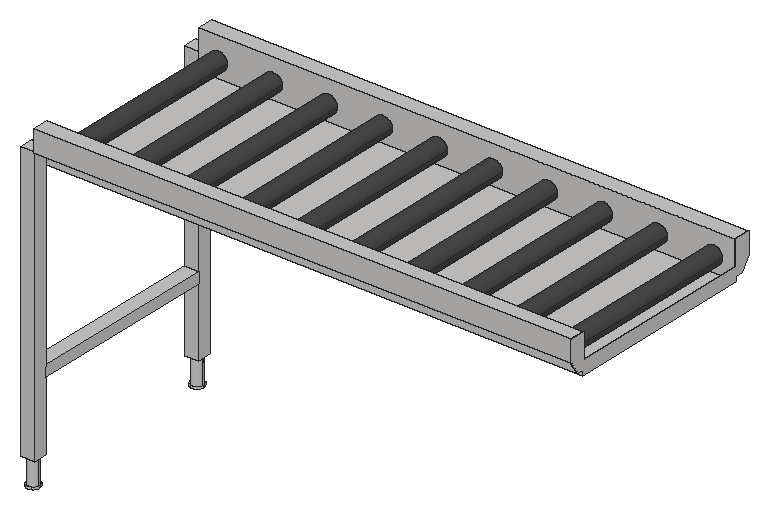
Revit family "QF_ELECTROLUXPROFESSIONAL_863029_HSLRC15", category Specialty Equipment, Revit 2018
Family settings
  Round Connector Dimension = Use Diameter
  Part Type = Normal
  Work Plane-Based = No
  Always vertical = Yes
  Cut with Voids When Loaded = No
  Shared = No
  Room Calculation Point = No
Parameters
  Weight = 0.00 kg
  Watts = 0 W
  Volts = 0 V
  URL Manufacturer = "http://professional.electrolux.com/"
  URL = "http://professional.electrolux.com/"
  Steam Supply Size = 0 mm
  Steam Supply Minimum Pressure = 0.0 Pa
  Steam Supply Maximum Pressure = 0.0 Pa
  Steam Pounds per Hour = 0
  Refrigeration Suction Line Size = 0 mm
  Refrigeration Liquid Line Size = 0 mm
  Refrigerant Compressor Remote = yes
  Manufacturer = "Electrolux"
  Phase = 0
  Model = "HSLRC15"
  Length Actual = 1500 mm  # constant formula
  Item Number = "863029"
  Hot Water Size = 0 mm
  Height Actual = 910 mm  # constant formula
  HP = "0 HP"
  Gas Size = 0 mm
  Gas KW = 0
  Gas Input Pressure = 0 W
  Description = "CONVEYOR, LONG ROLLERS, L=1500 MM"
  Depth Actual = 620 mm  # constant formula
  Cycle = 0 Hz
  Condensate Return Size = 0 mm
  Compressed Air Volume = 0.0 L/s
  Compressed Air Size = 0 mm
  Compressed Air Pressure = 0.0 Pa
  Cold Water Size = 0 mm
  Accessory = yes
Reference planes
  plane 1 "Centro (Fronte/Retro)": y = 74.737
  plane 2: z = 0
  plane 3 "LEFT": x = -1038.761
  plane 4 "BACK": y = 384.737
  plane 5 "FRONT": y = -235.263
  plane 6: z = 910
  plane 7 "RIGHT": x = 461.239
  plane 8: x = -258.761
Forms (mm)
  Extrusion 1, solid, material "QF_Finishes_Stainless Steel"
    sketch origin (0, 74.737, 0) x (1, 0, 0) y (0, 0, 1)
      loop
        line (-1079.929, 300) -> (-1079.929, 270) -> (-1039.929, 270) -> (-1039.929, 300) -> (-1079.929, 300)
    from -266.504 to 266.46
  Extrusion 2, solid, material "QF_Finishes_Stainless Steel"
    sketch origin (11.239, 0, 0) x (0, 1, 0) y (0, 0, 1)
      loop
        line (-235.263, 910) -> (-235.263, 850.033) -> (-190.242, 850.033) -> (-190.242, 910) -> (-235.263, 910)
      loop
        line (384.737, 910) -> (339.716, 910) -> (339.716, 850.033) -> (384.737, 850.033) -> (384.737, 910)
    from -1050 to 448.8
  Extrusion 3, solid, material "QF_Finishes_Stainless Steel"
    sketch origin (11.239, 0, 0) x (0, 1, 0) y (0, 0, 1)
      loop
        line (-191.727, 850.033) -> (-191.727, 800.081) -> (341.245, 800.081) -> (341.245, 850.033) -> (339.716, 850.033) -> (339.716, 803.081) -> (-190.242, 803.081) -> (-190.242, 850.033) -> (-191.727, 850.033)
    from -1050 to 448.8
  Extrusion 4, solid, material "QF_Finishes_Black"
    sketch origin (0, 74.737, 0) x (1, 0, 0) y (0, 0, -1)
      loop
        circle (-980.637, -850.115) r 25
      loop
        circle (-826.887, -850.115) r 25
      loop
        circle (-673.137, -850.115) r 25
      loop
        circle (403.115, -850.115) r 25
      loop
        circle (-211.886, -850.115) r 25
      loop
        circle (-58.136, -850.115) r 25
      loop
        circle (95.615, -850.115) r 25
      loop
        circle (249.365, -850.115) r 25
      loop
        circle (-519.386, -850.115) r 25
      loop
        circle (-365.636, -850.115) r 25
    from -260.534 to 260.534
  Extrusion 5, solid, material "QF_Finishes_Stainless Steel"
    sketch origin (1961.239, 723.253, 4000) x (0, 1, 0) y (0, 0, 1)
      loop
        line (-958.516, -3090) -> (-958.516, -3149.967) -> (-934.752, -3185.632) -> (-915.4, -3185.632) -> (-915.4, -3199.919) -> (-381.633, -3199.919) -> (-381.633, -3185.632) -> (-362.281, -3185.632) -> (-338.516, -3149.967) -> (-338.516, -3090) -> (-383.538, -3090) -> (-383.538, -3161.926) -> (-913.495, -3161.926) -> (-913.495, -3090) -> (-958.516, -3090)
    from -1500 to -1501.2
  Revolve 6, solid, material "QF_Finishes_Stainless Steel"
    sketch origin (-288.823, 0, 0) x (0, 1, 0) y (0, 0, 1)
      loop
        line (74.737, 800.081) -> (12.53, 800.081) -> (12.319, 797.4) -> (12.319, 785.476) -> (17.293, 785.476) -> (17.293, 781.772)
        arc (17.293, 781.772) -> (20.266, 773.808) -> (27.77, 769.813) r 11.998
        line (27.77, 769.813) -> (74.737, 764.085) -> (74.737, 800.081)
      axis (74.737, 764.085) -> (74.737, 800.081)
    angle from 0 to 360
  Revolve 7, solid, material "QF_Finishes_Stainless Steel"
    sketch origin (-258.823, -1524, 744.096) x (0, 0, 1) y (0, -1, 0)
      loop
        line (13.017, -1619.713) -> (30, -1619.713) -> (30, -1598.737) -> (0, -1598.737) -> (0, -1619.713) -> (2.434, -1622.253) -> (10.477, -1622.253) -> (13.017, -1619.713)
      axis (0, -1598.737) -> (30, -1598.737)
    angle from 0 to 360
Cuts and joins
  joined: Extrusion 2, Extrusion 3
Lines and regions (mm)
  Split face 1
    outline origin (758.239, 339.716, 803.081) x (-1, 0, 0) y (0, -1, 0)
      loop
        circle (1047, 264.904) r 3.016
  Split face 2
    outline origin (758.239, 339.716, 803.081) x (-1, 0, 0) y (0, -1, 0)
      loop
        circle (1047, 264.904) r 52.991
  Split face 3
    outline origin (758.239, 339.716, 803.081) x (-1, 0, 0) y (0, -1, 0)
      loop
        circle (1047, 264.904) r 36.015
  Split face 4
    outline origin (758.239, 339.716, 803.081) x (-1, 0, 0) y (0, -1, 0)
      loop
        circle (1047, 264.904) r 26.027
  Split face 5
    outline origin (758.239, 339.716, 803.081) x (-1, 0, 0) y (0, -1, 0)
      loop
        circle (1047, 264.904) r 9.056
  Masking region 1
    outline origin (0, 0, 0) x (1, 0, 0) y (0, 1, 0)
      loop
        line (-1038.761, 384.737) -> (-1038.761, -235.263) -> (461.239, -235.263) -> (461.239, 384.737) -> (-1038.761, 384.737)
  symbolic lines
    curve 1: line (461.239, 384.737, 0) -> (-1038.761, 384.737, 0)
    curve 2: line (-1038.761, 384.737, 0) -> (-1038.761, -235.263, 0)
    curve 3: line (-1038.761, 339.716, 0) -> (461.239, 339.716, 0)
    curve 4: line (-1038.761, -235.263, 0) -> (461.239, -235.263, 0)
    curve 5: line (461.239, -235.263, 0) -> (461.239, 384.737, 0)
    curve 6: line (461.239, -190.242, 0) -> (-1038.761, -190.242, 0)
    curve 7: line (-955.637, 335.271, 0) -> (-1005.637, 335.271, 0)
    curve 8: line (-1005.637, 335.271, 0) -> (-1005.637, -185.797, 0)
    curve 9: line (-1005.637, -185.797, 0) -> (-955.637, -185.797, 0)
    curve 10: line (-955.637, -185.797, 0) -> (-955.637, 335.271, 0)
    curve 11: line (-801.887, 335.271, 0) -> (-851.887, 335.271, 0)
    curve 12: line (-851.887, 335.271, 0) -> (-851.887, -185.797, 0)
    curve 13: line (-851.887, -185.797, 0) -> (-801.887, -185.797, 0)
    curve 14: line (-801.887, -185.797, 0) -> (-801.887, 335.271, 0)
    curve 15: line (-648.137, 335.271, 0) -> (-698.137, 335.271, 0)
    curve 16: line (-698.137, 335.271, 0) -> (-698.137, -185.797, 0)
    curve 17: line (-698.137, -185.797, 0) -> (-648.137, -185.797, 0)
    curve 18: line (-648.137, -185.797, 0) -> (-648.137, 335.271, 0)
    curve 19: line (428.115, 335.271, 0) -> (378.115, 335.271, 0)
    curve 20: line (378.115, 335.271, 0) -> (378.115, -185.797, 0)
    curve 21: line (378.115, -185.797, 0) -> (428.115, -185.797, 0)
    curve 22: line (428.115, -185.797, 0) -> (428.115, 335.271, 0)
    curve 23: line (461.239, 74.737, 0) -> (431.239, 74.737, 0)
    curve 24: line (-1038.761, 74.737, 0) -> (-1008.761, 74.737, 0)
    curve 25: arc (-289.404, 137.156, 0) -> (-226.986, 74.737, 0) -> (-289.404, 12.319, 0) r 62.418
    curve 26: arc (-289.404, 12.319, 0) -> (-351.823, 74.737, 0) -> (-289.404, 137.156, 0) r 62.418
    curve 27: arc (-259.404, 95.713, 0) -> (-280.38, 74.737, 0) -> (-259.404, 53.761, 0) r 20.976
    curve 28: arc (-259.404, 53.761, 0) -> (-238.428, 74.737, 0) -> (-259.404, 95.713, 0) r 20.976
    curve 29: line (-494.386, 335.271, 0) -> (-544.386, 335.271, 0)
    curve 30: line (-544.386, 335.271, 0) -> (-544.386, -185.797, 0)
    curve 31: line (-544.386, -185.797, 0) -> (-494.386, -185.797, 0)
    curve 32: line (-494.386, -185.797, 0) -> (-494.386, 335.271, 0)
    curve 33: line (-340.636, 335.271, 0) -> (-390.636, 335.271, 0)
    curve 34: line (-390.636, 335.271, 0) -> (-390.636, -185.797, 0)
    curve 35: line (-390.636, -185.797, 0) -> (-340.636, -185.797, 0)
    curve 36: line (-340.636, -185.797, 0) -> (-340.636, 335.271, 0)
    curve 37: line (-186.886, 335.271, 0) -> (-236.886, 335.271, 0)
    curve 38: line (-236.886, 335.271, 0) -> (-236.886, -185.797, 0)
    curve 39: line (-236.886, -185.797, 0) -> (-186.886, -185.797, 0)
    curve 40: line (-186.886, -185.797, 0) -> (-186.886, 335.271, 0)
    curve 41: line (-33.136, 335.271, 0) -> (-83.136, 335.271, 0)
    curve 42: line (-83.136, 335.271, 0) -> (-83.136, -185.797, 0)
    curve 43: line (-83.136, -185.797, 0) -> (-33.136, -185.797, 0)
    curve 44: line (-33.136, -185.797, 0) -> (-33.136, 335.271, 0)
    curve 45: line (120.615, 335.271, 0) -> (70.615, 335.271, 0)
    curve 46: line (70.615, 335.271, 0) -> (70.615, -185.797, 0)
    curve 47: line (70.615, -185.797, 0) -> (120.615, -185.797, 0)
    curve 48: line (120.615, -185.797, 0) -> (120.615, 335.271, 0)
    curve 49: line (274.365, 335.271, 0) -> (224.365, 335.271, 0)
    curve 50: line (224.365, 335.271, 0) -> (224.365, -185.797, 0)
    curve 51: line (224.365, -185.797, 0) -> (274.365, -185.797, 0)
    curve 52: line (274.365, -185.797, 0) -> (274.365, 335.271, 0)
Dimensions and locks
  plane 3 "LEFT" to plane 7 "RIGHT" = 1500 mm
  equal spacing: plane 4 "BACK", plane 1 "Centro (Fronte/Retro)", plane 5 "FRONT"
  plane 4 "BACK" to plane 5 "FRONT" = 620 mm
  locked: Extrusion 4 sketch curve to plane 3 "LEFT" at 58.124
  locked: plane 7 "RIGHT" to Extrusion 4 sketch curve at 58.124
  aligned and locked: level to plane 2
Automatic sketch dimensions
  Extrusion 1 sketch curve to plane 3 "LEFT" = 41.168 mm
  Extrusion 1 sketch curve to plane 3 "LEFT" = 1.168 mm
  level to Extrusion 1 sketch curve = 270 mm
  Extrusion 1 sketch curve to Extrusion 1 sketch curve = 30 mm
  Extrusion 2 sketch curve to plane 5 "FRONT" = 0 mm
  Extrusion 2 sketch curve to plane 6 = 0 mm  (x2)
  Extrusion 2 sketch curve to plane 4 "BACK" = 0 mm
  plane 5 "FRONT" to Extrusion 2 sketch curve = 45.021 mm
  Extrusion 2 sketch curve to plane 4 "BACK" = 45.021 mm
  Extrusion 2 sketch curve to Extrusion 2 sketch curve = 59.967 mm  (x2)
  plane 5 "FRONT" to Extrusion 3 sketch curve = 43.536 mm
  Extrusion 3 sketch curve to Extrusion 3 sketch curve = 1.486 mm
  Extrusion 3 sketch curve to plane 4 "BACK" = 45.021 mm
  Extrusion 3 sketch curve to Extrusion 3 sketch curve = 1.529 mm
  Extrusion 3 sketch curve to plane 6 = 109.919 mm
  Extrusion 3 sketch curve to Extrusion 3 sketch curve = 3 mm
  Extrusion 3 sketch curve to Extrusion 3 sketch curve = 46.952 mm  (x2)
  Split face 1 sketch curve to cut or joined group of Extrusion 2, Extrusion 3 = 748.8 mm
  cut or joined group of Extrusion 2, Extrusion 3 to Split face 1 sketch curve = 264.904 mm
  Split face 2 sketch curve to cut or joined group of Extrusion 2, Extrusion 3 = 748.8 mm
  cut or joined group of Extrusion 2, Extrusion 3 to Split face 2 sketch curve = 264.904 mm
  Split face 3 sketch curve to cut or joined group of Extrusion 2, Extrusion 3 = 748.8 mm
  cut or joined group of Extrusion 2, Extrusion 3 to Split face 3 sketch curve = 264.904 mm
  Split face 4 sketch curve to cut or joined group of Extrusion 2, Extrusion 3 = 748.8 mm
  cut or joined group of Extrusion 2, Extrusion 3 to Split face 4 sketch curve = 264.904 mm
  Split face 5 sketch curve to cut or joined group of Extrusion 2, Extrusion 3 = 748.8 mm
  cut or joined group of Extrusion 2, Extrusion 3 to Split face 5 sketch curve = 264.904 mm
  Masking region 1 sketch curve to plane 3 "LEFT" = 0 mm
  Masking region 1 sketch curve to plane 5 "FRONT" = 0 mm
  Masking region 1 sketch curve to plane 7 "RIGHT" = 0 mm
  Masking region 1 sketch curve to plane 4 "BACK" = 0 mm
  Extrusion 5 sketch curve to plane 5 "FRONT" = 0 mm
  Extrusion 5 sketch curve to plane 6 = 0 mm  (x2)
  Extrusion 5 sketch curve to plane 4 "BACK" = 0 mm
  plane 5 "FRONT" to Extrusion 5 sketch curve = 23.764 mm
  Extrusion 5 sketch curve to Extrusion 5 sketch curve = 19.352 mm  (x2)
  plane 5 "FRONT" to Extrusion 5 sketch curve = 45.021 mm
  Extrusion 5 sketch curve to plane 4 "BACK" = 45.021 mm
  Extrusion 5 sketch curve to Extrusion 5 sketch curve = 1.905 mm
  Extrusion 5 sketch curve to Extrusion 5 sketch curve = 59.967 mm  (x2)
  Extrusion 5 sketch curve to Extrusion 5 sketch curve = 11.959 mm
  Extrusion 5 sketch curve to Extrusion 5 sketch curve = 23.706 mm  (x2)
  Extrusion 5 sketch curve to Extrusion 5 sketch curve = 14.287 mm
  Revolve 6 sketch curve to plane 1 "Centro (Fronte/Retro)" = 0 mm  (x2)
  plane 1 "Centro (Fronte/Retro)" to Revolve 6 sketch curve = 45.447 mm
  Revolve 6 sketch curve to Revolve 6 sketch curve = 1.52 mm
  Revolve 6 sketch curve to Revolve 6 sketch curve = 11.998 mm
  Revolve 6 sketch curve to Revolve 6 sketch curve = 4.762 mm
  Revolve 6 sketch curve to Revolve 6 sketch curve = 4.974 mm
  Revolve 6 sketch curve to plane 6 = 145.915 mm
  Revolve 6 sketch curve to Revolve 6 sketch curve = 5.727 mm
  Revolve 6 sketch curve to Revolve 6 sketch curve = 11.901 mm
  Revolve 6 sketch curve to Revolve 6 sketch curve = 3.704 mm
  Revolve 6 sketch curve to Revolve 6 sketch curve = 11.924 mm
  Revolve 6 sketch curve to Revolve 6 sketch curve = 2.681 mm
  Revolve 6 sketch curve to Revolve 6 sketch curve = 3 mm
  Revolve 6 sketch curve to Revolve 6 sketch curve = 14.991 mm
  Revolve 7 sketch curve to plane 1 "Centro (Fronte/Retro)" = 0 mm  (x2)
  Revolve 7 sketch curve to plane 1 "Centro (Fronte/Retro)" = 20.976 mm
  Revolve 7 sketch curve to plane 6 = 165.904 mm
  Revolve 7 sketch curve to plane 1 "Centro (Fronte/Retro)" = 23.516 mm
  Revolve 7 sketch curve to Revolve 7 sketch curve = 2.434 mm
  Revolve 7 sketch curve to Revolve 7 sketch curve = 8.043 mm
  Revolve 7 sketch curve to Revolve 7 sketch curve = 2.54 mm  (x2)
  Revolve 7 sketch curve to Revolve 7 sketch curve = 16.983 mm
  Revolve 7 sketch curve to Revolve 7 sketch curve = 3.127 mm
  Revolve 7 sketch curve to Revolve 7 sketch curve = 7.343 mm
  Extrusion 4 sketch curve to plane 6 = 59.885 mm  (x10)
  Extrusion 4 sketch curve to Extrusion 4 sketch curve = 153.75 mm  (x6)
  Extrusion 4 sketch curve to plane 8 = 106.875 mm
  plane 8 to Extrusion 4 sketch curve = 46.875 mm
  curve 25 to curve 26 = 0 mm  (x2)
  curve 27 to curve 28 = 0 mm  (x2)
  plane 1 "Centro (Fronte/Retro)" to curve 24 = 0 mm
  curve 24 to plane 3 "LEFT" = 0 mm
  plane 1 "Centro (Fronte/Retro)" to curve 26 = 0 mm
  plane 1 "Centro (Fronte/Retro)" to curve 27 = 0 mm
  plane 1 "Centro (Fronte/Retro)" to curve 23 = 0 mm
  curve 6 to plane 7 "RIGHT" = 0 mm
  curve 4 to plane 5 "FRONT" = 0 mm
  curve 2 to plane 4 "BACK" = 0 mm
  plane 3 "LEFT" to curve 7 = 33.124 mm
  curve 8 to curve 9 = 50 mm
  plane 5 "FRONT" to curve 12 = 49.466 mm
  curve 9 to curve 12 = 103.75 mm
  curve 11 to curve 11 = 50 mm
  plane 5 "FRONT" to curve 16 = 49.466 mm
  curve 13 to curve 16 = 103.75 mm
  curve 15 to curve 15 = 50 mm
  curve 30 to plane 4 "BACK" = 49.466 mm
  curve 15 to curve 30 = 103.75 mm
  curve 29 to curve 32 = 50 mm
  curve 33 to plane 4 "BACK" = 49.466 mm
  curve 29 to curve 33 = 103.75 mm
  curve 34 to curve 35 = 50 mm
  curve 26 to plane 8 = 30.643 mm
  curve 27 to plane 8 = 0.643 mm
  plane 8 to curve 38 = 21.875 mm
  curve 38 to curve 39 = 50 mm
  curve 42 to plane 4 "BACK" = 49.466 mm
  curve 37 to curve 42 = 103.75 mm
  curve 42 to curve 44 = 50 mm
  curve 45 to plane 4 "BACK" = 49.466 mm
  curve 41 to curve 45 = 103.75 mm
  curve 46 to curve 48 = 50 mm
  curve 49 to plane 4 "BACK" = 49.466 mm
  curve 45 to curve 49 = 103.75 mm
  curve 50 to curve 51 = 50 mm
  curve 20 to plane 7 "RIGHT" = 83.124 mm
  curve 21 to plane 7 "RIGHT" = 33.124 mm
  plane 5 "FRONT" to curve 51 = 49.466 mm
  plane 5 "FRONT" to curve 47 = 49.466 mm
  plane 5 "FRONT" to curve 44 = 49.466 mm
  plane 5 "FRONT" to curve 8 = 49.466 mm
  plane 5 "FRONT" to curve 40 = 49.466 mm
  plane 5 "FRONT" to curve 36 = 49.466 mm
  plane 5 "FRONT" to curve 32 = 49.466 mm
  plane 5 "FRONT" to curve 20 = 49.466 mm
  curve 22 to plane 4 "BACK" = 49.466 mm
  curve 18 to plane 4 "BACK" = 49.466 mm
  curve 37 to plane 4 "BACK" = 49.466 mm
  curve 14 to plane 4 "BACK" = 49.466 mm
  curve 10 to plane 4 "BACK" = 49.466 mm
  plane 3 "LEFT" to curve 24 = 30 mm
  curve 23 to plane 7 "RIGHT" = 30 mm
  curve 6 to curve 21 = 4.445 mm
  curve 26 to curve 25 = 62.418 mm
  curve 28 to curve 27 = 20.976 mm
  curve 19 to curve 3 = 4.445 mm
  radius of Split face 1 sketch curve = 3.016 mm
  radius of Split face 2 sketch curve = 52.991 mm
  radius of Split face 3 sketch curve = 36.015 mm
  radius of Split face 4 sketch curve = 26.027 mm
  radius of Split face 5 sketch curve = 9.056 mm
  radius of Extrusion 4 sketch curve = 25 mm  (x10)
Nested families
  nested 1: "Foot_40x40" at (-1059.929, 361.245, 0), type "Foot_40x40"
    with A 850.033 mm
  nested 2: "Foot_40x40" at (-1059.929, -211.771, 0), type "Foot_40x40"
    with A 850.033 mm
  nested 3: "Foot_40x40" at (-1059.929, 361.288, 0), type "Foot_40x40"
    with A 850.033 mm
Connectors
  piping at (-258.823, 74.737, 744.096), diameter 30
    settings: on Revolve 7, index 4, connector inside diameter 609.6 mm, connector length 0 mm, flow factor 0, pipe flow 0.0 L/s, pressure drop 0.0 Pa, fitting loss kfactor 0, connector angle 0.00°, fixture units 0, engagement length 0 mm, angle of deflection 0.00°, flow configuration 1, flow direction 2, fitting loss method 0, system type 16, joint type 0, gender type 0, connector reference index -1, connector utility 0, adjustable connector no, is connector primary yes, connector description "Drain"
Definition of nested family "Foot_40x40"
  Parameters
    A [instance] = 850 mm
  Reference planes
    plane 1 "Centro (Fronte/Retro)": y = 0
    plane 2: z = 0
    plane 3 "Centro (Sinistra/Destra)": x = 0
    plane 4: z = 850
  Forms (mm)
    Extrusion 1, solid
      sketch origin (0, 0, 0) x (1, 0, 0) y (0, 1, 0)
        loop
          circle (0, 0) r 18
      from 0 to 5
    Extrusion 2, solid
      sketch origin (0, 0, 5) x (1, 0, 0) y (0, 1, 0)
        loop
          circle (0, 0) r 15
      from 0 to 70
    Extrusion 3, solid
      sketch origin (0, 0, 75) x (1, 0, 0) y (0, 1, 0)
        loop
          line (-20, 20) -> (-20, -20) -> (20, -20) -> (20, 20) -> (-20, 20)
      from 0 to 775
  Dimensions and locks
    "A": plane 4 to plane 2
    aligned and locked: level to plane 2
    aligned and locked: plane 4 to Extrusion 3
    aligned and locked: Extrusion 1 to level
  Automatic sketch dimensions
    plane 1 "Centro (Fronte/Retro)" to Extrusion 1 sketch curve = 0 mm
    Extrusion 1 sketch curve to plane 3 "Centro (Sinistra/Destra)" = 0 mm
    Extrusion 3 sketch curve to Extrusion 3 sketch curve = 40 mm  (x2)
    radius of Extrusion 1 sketch curve = 18 mm
    radius of Extrusion 2 sketch curve to Extrusion 1 = 3 mm
